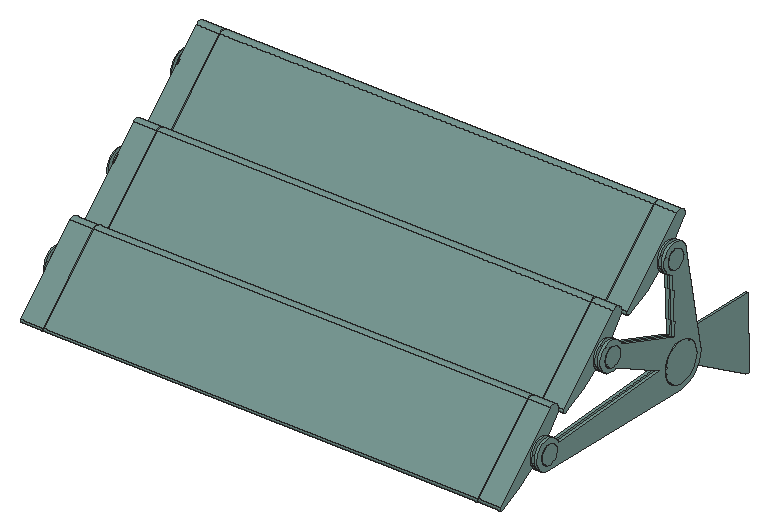
Revit family "kawneer - 1600 powershade - aluminum_16445", category Generic Models, Revit 2015
Parameters (values of type "96" Width (Max.)")
  URL = "http://www.kawneer.com/kawneer/north_america/en/product.asp?cat_id=1344&prod_id=1850"
  Type Comments = "Aluminum"
  Shade Finish = Kawneer - 1600 PowerShade
  Product data url = "https://bimobject.com/kawneerna/product/16445"
  Outside Shade Width = 8' - 0"
  Model = "1600 PowerShade® - Aluminum\r\n"
  Manufacturer = "Kawneer"
  Description = "Architects and building owners are increasingly recognizing the need for \"green\" building products that conserve energy and enhance building performance without compromising aesthetics. Kawneer has responded to this challenge by designing 1600 PowerShade®, a BIPV (Building Integrated Photovoltaic) sunshade that generates solar power while also providing optimal shade in a total system/single source solution.\r\n \r\nThe result is a classically designed sunshade that conserves energy and reduces building operating costs. Fully tested and factory fabricated, this preengineered sunshade blends photovoltaic technology — amorphous silicon panels — with sleek design, easy installation and simple maintenance.\r\n \r\nIn addition, PowerShade® is engineered to meet rigorous structural loads while minimizing material requirements.\r\n"
  Assembly Code = "B2020400"
Reference planes (in)
  plane 1 "Center (Front/Back)": y = 0
  plane 2: z = 0
  plane 3 "Center (Left/Right)": x = 20.48739
Forms (in)
  Extrusion 1, solid, material "Kawneer - 1600 PowerShade" <- "Shade Finish"
    sketch origin (20.23839, 0, 0) x (0, 1, 0) y (0, 0, -1)
      loop
        arc (-13.79301, 2.12544) -> (-21.10781, 2.12502) -> (-17.48547, -4.22989) r 4.23003
        line (-17.48547, -4.22989) -> (0, -4.22989) -> (0, 9.7917) -> (-0.49966, 9.78645) -> (-13.79301, 2.12544)
      loop
        circle (-17.45029, 0) r 3.73003
    from 0.251 to -0.249
  Extrusion 2, solid, material "Kawneer - 1600 PowerShade" <- "Shade Finish", not visible
    sketch origin (-0.0625, 0, 0) x (0, -1, 0) y (0, 0, -1)
      loop
        line (20, -3) -> (20, 3) -> (0.875, 3) -> (0.875, -3) -> (20, -3)
      loop
        circle (1.61885, 2) r 0.25
      loop
        circle (3.61885, 2) r 0.25
      loop
        circle (1.61885, -2) r 0.25
      loop
        circle (3.61885, -2) r 0.25
    from 0.3135 to 0.5635
  Extrusion 3, solid, material "Kawneer - 1600 PowerShade" <- "Shade Finish", not visible
    sketch origin (0, 0, 0) x (0, -1, 0) y (0, 0, -1)
      loop
        arc (0.24998, -2.843) -> (0.27722, -2.77724) -> (0.34298, -2.75) r 0.093
        line (0.34298, -2.75) -> (4.62, -2.75) -> (4.62, 2.75) -> (0.34298, 2.75)
        arc (0.34298, 2.75) -> (0.27722, 2.77724) -> (0.24998, 2.843) r 0.093
        line (0.24998, 2.843) -> (0.24998, -2.843)
      loop
        circle (1.61885, 2) r 0.25
      loop
        circle (3.61885, 2) r 0.25
      loop
        circle (1.61885, -2) r 0.25
      loop
        circle (3.61885, -2) r 0.25
    from -0.249 to 0.251
  Extrusion 4, solid, material "Kawneer - 1600 PowerShade" <- "Shade Finish", not visible
    sketch origin (0, 0, 0) x (0, -1, 0) y (0, 0, -1)
      loop
        line (0, -6.25) -> (0.15698, -6.25)
        arc (0.15698, -6.25) -> (0.22274, -6.22276) -> (0.24998, -6.157) r 0.093
        line (0.24998, -6.157) -> (0.24998, 6.157)
        arc (0.24998, 6.157) -> (0.22274, 6.22276) -> (0.15698, 6.25) r 0.093
        line (0.15698, 6.25) -> (0, 6.25) -> (0, -6.25)
    from -0.499 to 0.501
  Extrusion 5, solid, material "Kawneer - 1600 PowerShade" <- "Shade Finish"
    sketch origin (37.73739, 0, 0) x (0, -1, 0) y (0, 0, 1)
      loop
        circle (17.45029, 0) r 3.73003
    from 16.45076 to 18.67002
  Extrusion 6, solid, material "Kawneer - 1600 PowerShade" <- "Shade Finish"
    sketch origin (20.48739, 0, 0) x (0, 1, 0) y (0, 0, 1)
      loop
        circle (-49.7095, -2.13012) r 1.75795
      loop
        circle (-34.19481, 8.24737) r 1.75795
      loop
        circle (-18.68012, 18.62486) r 1.75795
    from -96.75 to 0.79924
  Extrusion 7, solid, material "Kawneer - 1600 PowerShade" <- "Shade Finish"
    sketch origin (37.73739, 0, 0) x (0, -1, 0) y (0, 0, 1)
      loop
        line (22.41224, 0.59894) -> (33.13158, 5.70698)
        arc (33.13158, 5.70698) -> (36.73786, 9.30422) -> (31.64423, 9.28593) r 2.75391
        line (31.64423, 9.28593) -> (18.65381, 4.87124) -> (19.23452, 15.985)
        arc (19.23452, 15.985) -> (20.41579, 20.6678) -> (15.83239, 19.14584) r 2.75391
        line (15.83239, 19.14584) -> (12.47366, 0.78656)
        arc (12.47366, 0.78656) -> (13.52965, -3.23013) -> (17.29138, -4.99034) r 4.89585
        line (17.29138, -4.99034) -> (49.71054, -4.97847)
        arc (49.71054, -4.97847) -> (51.98808, -0.67786) -> (47.15048, -1.20706) r 2.75391
        line (47.15048, -1.20706) -> (22.41224, 0.59894)
      loop
        circle (34.19481, 8.24737) r 1.75795
      loop
        circle (49.7095, -2.13012) r 1.75795
      loop
        circle (18.68012, 18.62486) r 1.75795
      loop
        circle (17.45029, 0) r 3.73003
    from 17.75 to 18.25
  Extrusion 8, solid, material "Kawneer - 1600 PowerShade" <- "Shade Finish"
    sketch origin (38.73739, 0, 0) x (0, -1, 0) y (0, 0, 1)
      loop
        line (22.41224, 0.59894) -> (33.13158, 5.70698)
        arc (33.13158, 5.70698) -> (36.73786, 9.30422) -> (31.64423, 9.28593) r 2.75391
        line (31.64423, 9.28593) -> (18.65381, 4.87124) -> (19.23452, 15.985)
        arc (19.23452, 15.985) -> (20.41579, 20.6678) -> (15.83239, 19.14584) r 2.75391
        line (15.83239, 19.14584) -> (12.47366, 0.78656)
        arc (12.47366, 0.78656) -> (13.52965, -3.23013) -> (17.29138, -4.99034) r 4.89585
        line (17.29138, -4.99034) -> (49.71054, -4.97847)
        arc (49.71054, -4.97847) -> (51.98808, -0.67786) -> (47.15048, -1.20706) r 2.75391
        line (47.15048, -1.20706) -> (22.41224, 0.59894)
      loop
        circle (34.19481, 8.24737) r 1.75795
      loop
        circle (49.7095, -2.13012) r 1.75795
      loop
        circle (18.68012, 18.62486) r 1.75795
      loop
        circle (17.45029, 0) r 3.73003
    from 17.75 to 18.25
  Extrusion 9, solid, material "Kawneer - 1600 PowerShade" <- "Shade Finish"
    sketch origin (-3.0449, 0, 0) x (0, 1, 0) y (0, 0, 1)
      loop
        arc (-59.39681, -7.79166) -> (-59.44221, -8.23074) -> (-59.02172, -8.36504) r 0.34999
        arc (-59.02172, -8.36504) -> (-54.74754, -6.24615) -> (-50.90493, -3.41905) r 27.44088
        arc (-50.90493, -3.41905) -> (-50.95255, -0.88707) -> (-48.42058, -0.93469) r 1.75795
        arc (-48.42058, -0.93469) -> (-46.89136, 0.96864) -> (-45.53738, 3.00037) r 27.44088
        arc (-45.53738, 3.00037) -> (-45.38844, 3.4247) -> (-45.42167, 3.87317) r 1.10053
        arc (-45.42167, 3.87317) -> (-46.20412, 4.63487) -> (-47.25762, 4.34753) r 1.10053
        line (-47.25762, 4.34753) -> (-59.39681, -7.79166)
      loop
        arc (-43.88211, 2.58583) -> (-43.92752, 2.14676) -> (-43.50703, 2.01246) r 0.34999
        arc (-43.50703, 2.01246) -> (-39.23285, 4.13134) -> (-35.39024, 6.95845) r 27.44088
        arc (-35.39024, 6.95845) -> (-35.43786, 9.49043) -> (-32.90588, 9.4428) r 1.75795
        arc (-32.90588, 9.4428) -> (-31.37667, 11.34614) -> (-30.02269, 13.37787) r 27.44088
        arc (-30.02269, 13.37787) -> (-29.87375, 13.80219) -> (-29.90698, 14.25066) r 1.10053
        arc (-29.90698, 14.25066) -> (-30.68943, 15.01237) -> (-31.74293, 14.72502) r 1.10053
        line (-31.74293, 14.72502) -> (-43.88211, 2.58583)
      loop
        arc (-28.36742, 12.96333) -> (-28.41283, 12.52425) -> (-27.99234, 12.38995) r 0.34999
        arc (-27.99234, 12.38995) -> (-23.71816, 14.50883) -> (-19.87555, 17.33594) r 27.44088
        arc (-19.87555, 17.33594) -> (-19.92317, 19.86792) -> (-17.39119, 19.82029) r 1.75795
        arc (-17.39119, 19.82029) -> (-15.86198, 21.72363) -> (-14.508, 23.75536) r 27.44088
        arc (-14.508, 23.75536) -> (-14.35906, 24.17968) -> (-14.39229, 24.62815) r 1.10053
        arc (-14.39229, 24.62815) -> (-15.17474, 25.38986) -> (-16.22824, 25.10251) r 1.10053
        line (-16.22824, 25.10251) -> (-28.36742, 12.96333)
    from 18.03229 to 22.53229
  Extrusion 10, solid, not visible
    sketch origin (0, 0, 0) x (0, 1, 0) y (0, 0, 1)
      loop
        arc (-59.39681, -7.79166) -> (-59.44221, -8.23074) -> (-59.02172, -8.36504) r 0.34999
        arc (-59.02172, -8.36504) -> (-54.74754, -6.24615) -> (-50.90493, -3.41905) r 27.44088
        arc (-50.90493, -3.41905) -> (-50.95255, -0.88707) -> (-48.42058, -0.93469) r 1.75795
        arc (-48.42058, -0.93469) -> (-46.89136, 0.96864) -> (-45.53738, 3.00037) r 27.44088
        arc (-45.53738, 3.00037) -> (-45.38844, 3.4247) -> (-45.42167, 3.87317) r 1.10053
        arc (-45.42167, 3.87317) -> (-46.20412, 4.63487) -> (-47.25762, 4.34753) r 1.10053
        line (-47.25762, 4.34753) -> (-59.39681, -7.79166)
      loop
        arc (-43.88211, 2.58583) -> (-43.92752, 2.14676) -> (-43.50703, 2.01246) r 0.34999
        arc (-43.50703, 2.01246) -> (-39.23285, 4.13134) -> (-35.39024, 6.95845) r 27.44088
        arc (-35.39024, 6.95845) -> (-35.43786, 9.49043) -> (-32.90588, 9.4428) r 1.75795
        arc (-32.90588, 9.4428) -> (-31.37667, 11.34614) -> (-30.02269, 13.37787) r 27.44088
        arc (-30.02269, 13.37787) -> (-29.87375, 13.80219) -> (-29.90698, 14.25066) r 1.10053
        arc (-29.90698, 14.25066) -> (-30.68943, 15.01237) -> (-31.74293, 14.72502) r 1.10053
        line (-31.74293, 14.72502) -> (-43.88211, 2.58583)
      loop
        arc (-28.36742, 12.96333) -> (-28.41283, 12.52425) -> (-27.99234, 12.38995) r 0.34999
        arc (-27.99234, 12.38995) -> (-23.71816, 14.50883) -> (-19.87555, 17.33594) r 27.44088
        arc (-19.87555, 17.33594) -> (-19.92317, 19.86792) -> (-17.39119, 19.82029) r 1.75795
        arc (-17.39119, 19.82029) -> (-15.86198, 21.72363) -> (-14.508, 23.75536) r 27.44088
        arc (-14.508, 23.75536) -> (-14.35906, 24.17968) -> (-14.39229, 24.62815) r 1.10053
        arc (-14.39229, 24.62815) -> (-15.17474, 25.38986) -> (-16.22824, 25.10251) r 1.10053
        line (-16.22824, 25.10251) -> (-28.36742, 12.96333)
    from -43.9551 to 50.5449
  Extrusion 11, solid, material "Kawneer - 1600 PowerShade" <- "Shade Finish"
    sketch origin (-75.26161, 0, 0) x (0, 1, 0) y (0, 0, -1)
      loop
        arc (-13.79301, 2.12544) -> (-21.10781, 2.12502) -> (-17.48547, -4.22989) r 4.23003
        line (-17.48547, -4.22989) -> (0, -4.22989) -> (0, 9.7917) -> (-0.49966, 9.78645) -> (-13.79301, 2.12544)
      loop
        circle (-17.45029, 0) r 3.73003
    from -0.249 to 0.251
  Extrusion 12, solid, material "Kawneer - 1600 PowerShade" <- "Shade Finish"
    sketch origin (-57.76261, 0, 0) x (0, -1, 0) y (0, 0, 1)
      loop
        circle (17.45029, 0) r 3.73003
    from 16.45076 to 18.5
  Extrusion 13, solid, material "Kawneer - 1600 PowerShade" <- "Shade Finish"
    sketch origin (109.73739, 0, 0) x (0, -1, 0) y (0, 0, 1)
      loop
        line (22.41224, 0.59894) -> (33.13158, 5.70698)
        arc (33.13158, 5.70698) -> (36.73786, 9.30422) -> (31.64423, 9.28593) r 2.75391
        line (31.64423, 9.28593) -> (18.65381, 4.87124) -> (19.23452, 15.985)
        arc (19.23452, 15.985) -> (20.41579, 20.6678) -> (15.83239, 19.14584) r 2.75391
        line (15.83239, 19.14584) -> (12.47366, 0.78656)
        arc (12.47366, 0.78656) -> (13.52965, -3.23013) -> (17.29138, -4.99034) r 4.89585
        line (17.29138, -4.99034) -> (49.71054, -4.97847)
        arc (49.71054, -4.97847) -> (51.98808, -0.67786) -> (47.15048, -1.20706) r 2.75391
        line (47.15048, -1.20706) -> (22.41224, 0.59894)
      loop
        circle (34.19481, 8.24737) r 1.75795
      loop
        circle (49.7095, -2.13012) r 1.75795
      loop
        circle (18.68012, 18.62486) r 1.75795
      loop
        circle (17.45029, 0) r 3.73003
    from 185.25 to 185.5
  Extrusion 14, solid, material "Kawneer - 1600 PowerShade" <- "Shade Finish"
    sketch origin (-41.26261, 0, 0) x (0, -1, 0) y (0, 0, 1)
      loop
        line (22.41224, 0.59894) -> (33.13158, 5.70698)
        arc (33.13158, 5.70698) -> (36.73786, 9.30422) -> (31.64423, 9.28593) r 2.75391
        line (31.64423, 9.28593) -> (18.65381, 4.87124) -> (19.23452, 15.985)
        arc (19.23452, 15.985) -> (20.41579, 20.6678) -> (15.83239, 19.14584) r 2.75391
        line (15.83239, 19.14584) -> (12.47366, 0.78656)
        arc (12.47366, 0.78656) -> (13.52965, -3.23013) -> (17.29138, -4.99034) r 4.89585
        line (17.29138, -4.99034) -> (49.71054, -4.97847)
        arc (49.71054, -4.97847) -> (51.98808, -0.67786) -> (47.15048, -1.20706) r 2.75391
        line (47.15048, -1.20706) -> (22.41224, 0.59894)
      loop
        circle (34.19481, 8.24737) r 1.75795
      loop
        circle (49.7095, -2.13012) r 1.75795
      loop
        circle (18.68012, 18.62486) r 1.75795
      loop
        circle (17.45029, 0) r 3.73003
    from 33.49225 to 33.74225
  Extrusion 15, solid, material "Kawneer - 1600 PowerShade" <- "Shade Finish", not visible
    sketch origin (-0.249, 0, 0) x (0, 1, 0) y (0, 0, -1)
      loop
        arc (-13.79301, 2.12544) -> (-21.10781, 2.12502) -> (-17.48547, -4.22989) r 4.23003
        line (-17.48547, -4.22989) -> (0, -4.22989) -> (0, 9.7917) -> (-0.49966, 9.78645) -> (-13.79301, 2.12544)
      loop
        circle (-17.45029, 0) r 3.73003
    from -0.249 to 0.251
  Extrusion 16, solid, material "Kawneer - 1600 PowerShade" <- "Shade Finish", not visible
    sketch origin (17.25, 0, 0) x (0, -1, 0) y (0, 0, 1)
      loop
        circle (17.45029, 0) r 3.73003
    from 16.45076 to 18.67002
  Extrusion 17, solid, material "Kawneer - 1600 PowerShade" <- "Shade Finish", not visible
    sketch origin (17.25, 0, 0) x (0, -1, 0) y (0, 0, 1)
      loop
        line (22.41224, 0.59894) -> (33.13158, 5.70698)
        arc (33.13158, 5.70698) -> (36.73786, 9.30422) -> (31.64423, 9.28593) r 2.75391
        line (31.64423, 9.28593) -> (18.65381, 4.87124) -> (19.23452, 15.985)
        arc (19.23452, 15.985) -> (20.41579, 20.6678) -> (15.83239, 19.14584) r 2.75391
        line (15.83239, 19.14584) -> (12.47366, 0.78656)
        arc (12.47366, 0.78656) -> (13.52965, -3.23013) -> (17.29138, -4.99034) r 4.89585
        line (17.29138, -4.99034) -> (49.71054, -4.97847)
        arc (49.71054, -4.97847) -> (51.98808, -0.67786) -> (47.15048, -1.20706) r 2.75391
        line (47.15048, -1.20706) -> (22.41224, 0.59894)
      loop
        circle (34.19481, 8.24737) r 1.75795
      loop
        circle (49.7095, -2.13012) r 1.75795
      loop
        circle (18.68012, 18.62486) r 1.75795
      loop
        circle (17.45029, 0) r 3.73003
    from 17.75 to 18.25
  Extrusion 18, solid, material "Kawneer - 1600 PowerShade" <- "Shade Finish", not visible
    sketch origin (18.25, 0, 0) x (0, -1, 0) y (0, 0, 1)
      loop
        line (22.41224, 0.59894) -> (33.13158, 5.70698)
        arc (33.13158, 5.70698) -> (36.73786, 9.30422) -> (31.64423, 9.28593) r 2.75391
        line (31.64423, 9.28593) -> (18.65381, 4.87124) -> (19.23452, 15.985)
        arc (19.23452, 15.985) -> (20.41579, 20.6678) -> (15.83239, 19.14584) r 2.75391
        line (15.83239, 19.14584) -> (12.47366, 0.78656)
        arc (12.47366, 0.78656) -> (13.52965, -3.23013) -> (17.29138, -4.99034) r 4.89585
        line (17.29138, -4.99034) -> (49.71054, -4.97847)
        arc (49.71054, -4.97847) -> (51.98808, -0.67786) -> (47.15048, -1.20706) r 2.75391
        line (47.15048, -1.20706) -> (22.41224, 0.59894)
      loop
        circle (34.19481, 8.24737) r 1.75795
      loop
        circle (49.7095, -2.13012) r 1.75795
      loop
        circle (18.68012, 18.62486) r 1.75795
      loop
        circle (17.45029, 0) r 3.73003
    from 17.75 to 18.25
  Extrusion 19, solid, material "Kawneer - 1600 PowerShade" <- "Shade Finish", not visible
    sketch origin (-71.749, 0, 0) x (0, 1, 0) y (0, 0, -1)
      loop
        arc (-13.79301, 2.12544) -> (-21.10781, 2.12502) -> (-17.48547, -4.22989) r 4.23003
        line (-17.48547, -4.22989) -> (0, -4.22989) -> (0, 9.7917) -> (-0.49966, 9.78645) -> (-13.79301, 2.12544)
      loop
        circle (-17.45029, 0) r 3.73003
    from -0.249 to 0.251
  Extrusion 20, solid, material "Kawneer - 1600 PowerShade" <- "Shade Finish", not visible
    sketch origin (-54.25, 0, 0) x (0, -1, 0) y (0, 0, 1)
      loop
        circle (17.45029, 0) r 3.73003
    from 16.45076 to 18
  Extrusion 21, solid, material "Kawneer - 1600 PowerShade" <- "Shade Finish", not visible
    sketch origin (113.25, 0, 0) x (0, -1, 0) y (0, 0, 1)
      loop
        line (22.41224, 0.59894) -> (33.13158, 5.70698)
        arc (33.13158, 5.70698) -> (36.73786, 9.30422) -> (31.64423, 9.28593) r 2.75391
        line (31.64423, 9.28593) -> (18.65381, 4.87124) -> (19.23452, 15.985)
        arc (19.23452, 15.985) -> (20.41579, 20.6678) -> (15.83239, 19.14584) r 2.75391
        line (15.83239, 19.14584) -> (12.47366, 0.78656)
        arc (12.47366, 0.78656) -> (13.52965, -3.23013) -> (17.29138, -4.99034) r 4.89585
        line (17.29138, -4.99034) -> (49.71054, -4.97847)
        arc (49.71054, -4.97847) -> (51.98808, -0.67786) -> (47.15048, -1.20706) r 2.75391
        line (47.15048, -1.20706) -> (22.41224, 0.59894)
      loop
        circle (34.19481, 8.24737) r 1.75795
      loop
        circle (49.7095, -2.13012) r 1.75795
      loop
        circle (18.68012, 18.62486) r 1.75795
      loop
        circle (17.45029, 0) r 3.73003
    from 185.25 to 185.5
  Extrusion 22, solid, material "Kawneer - 1600 PowerShade" <- "Shade Finish", not visible
    sketch origin (-37.75, 0, 0) x (0, -1, 0) y (0, 0, 1)
      loop
        line (22.41224, 0.59894) -> (33.13158, 5.70698)
        arc (33.13158, 5.70698) -> (36.73786, 9.30422) -> (31.64423, 9.28593) r 2.75391
        line (31.64423, 9.28593) -> (18.65381, 4.87124) -> (19.23452, 15.985)
        arc (19.23452, 15.985) -> (20.41579, 20.6678) -> (15.83239, 19.14584) r 2.75391
        line (15.83239, 19.14584) -> (12.47366, 0.78656)
        arc (12.47366, 0.78656) -> (13.52965, -3.23013) -> (17.29138, -4.99034) r 4.89585
        line (17.29138, -4.99034) -> (49.71054, -4.97847)
        arc (49.71054, -4.97847) -> (51.98808, -0.67786) -> (47.15048, -1.20706) r 2.75391
        line (47.15048, -1.20706) -> (22.41224, 0.59894)
      loop
        circle (34.19481, 8.63868) r 1.75795
      loop
        circle (49.7095, -2.13012) r 1.75795
      loop
        circle (18.68012, 18.62486) r 1.75795
      loop
        circle (17.45029, 0) r 3.73003
    from 33.49225 to 33.74225
  Extrusion 23, solid, material "Kawneer - 1600 PowerShade" <- "Shade Finish", not visible
    sketch origin (-95.749, 0, 0) x (0, 1, 0) y (0, 0, -1)
      loop
        arc (-13.79301, 2.12544) -> (-21.10781, 2.12502) -> (-17.48547, -4.22989) r 4.23003
        line (-17.48547, -4.22989) -> (0, -4.22989) -> (0, 9.7917) -> (-0.49966, 9.78645) -> (-13.79301, 2.12544)
      loop
        circle (-17.45029, 0) r 3.73003
    from -0.249 to 0.251
  Extrusion 24, solid, material "Kawneer - 1600 PowerShade" <- "Shade Finish", not visible
    sketch origin (-78.25, 0, 0) x (0, -1, 0) y (0, 0, 1)
      loop
        circle (17.45029, 0) r 3.73003
    from 16.45076 to 18.5
  Extrusion 25, solid, material "Kawneer - 1600 PowerShade" <- "Shade Finish", not visible
    sketch origin (89.25, 0, 0) x (0, -1, 0) y (0, 0, 1)
      loop
        line (22.41224, 0.59894) -> (33.13158, 5.70698)
        arc (33.13158, 5.70698) -> (36.73786, 9.30422) -> (31.64423, 9.28593) r 2.75391
        line (31.64423, 9.28593) -> (18.65381, 4.87124) -> (19.23452, 15.985)
        arc (19.23452, 15.985) -> (20.41579, 20.6678) -> (15.83239, 19.14584) r 2.75391
        line (15.83239, 19.14584) -> (12.47366, 0.78656)
        arc (12.47366, 0.78656) -> (13.52965, -3.23013) -> (17.29138, -4.99034) r 4.89585
        line (17.29138, -4.99034) -> (49.71054, -4.97847)
        arc (49.71054, -4.97847) -> (51.98808, -0.67786) -> (47.15048, -1.20706) r 2.75391
        line (47.15048, -1.20706) -> (22.41224, 0.59894)
      loop
        circle (34.19481, 8.24737) r 1.75795
      loop
        circle (49.7095, -2.13012) r 1.75795
      loop
        circle (18.68012, 18.62486) r 1.75795
      loop
        circle (17.45029, 0) r 3.73003
    from 185.25 to 185.5
  Extrusion 26, solid, material "Kawneer - 1600 PowerShade" <- "Shade Finish", not visible
    sketch origin (-61.75, 0, 0) x (0, -1, 0) y (0, 0, 1)
      loop
        line (22.41224, 0.59894) -> (33.13158, 5.70698)
        arc (33.13158, 5.70698) -> (36.73786, 9.30422) -> (31.64423, 9.28593) r 2.75391
        line (31.64423, 9.28593) -> (18.65381, 4.87124) -> (19.23452, 15.985)
        arc (19.23452, 15.985) -> (20.41579, 20.6678) -> (15.83239, 19.14584) r 2.75391
        line (15.83239, 19.14584) -> (12.47366, 0.78656)
        arc (12.47366, 0.78656) -> (13.52965, -3.23013) -> (17.29138, -4.99034) r 4.89585
        line (17.29138, -4.99034) -> (49.71054, -4.97847)
        arc (49.71054, -4.97847) -> (51.98808, -0.67786) -> (47.15048, -1.20706) r 2.75391
        line (47.15048, -1.20706) -> (22.41224, 0.59894)
      loop
        circle (34.19481, 8.63868) r 1.75795
      loop
        circle (49.7095, -2.13012) r 1.75795
      loop
        circle (18.68012, 18.62486) r 1.75795
      loop
        circle (17.45029, 0) r 3.73003
    from 33.49225 to 33.74225
  Extrusion 27, solid, material "Kawneer - 1600 PowerShade" <- "Shade Finish", not visible
    sketch origin (-191.749, 0, 0) x (0, 1, 0) y (0, 0, -1)
      loop
        arc (-13.79301, 2.12544) -> (-21.10781, 2.12502) -> (-17.48547, -4.22989) r 4.23003
        line (-17.48547, -4.22989) -> (0, -4.22989) -> (0, 9.7917) -> (-0.49966, 9.78645) -> (-13.79301, 2.12544)
      loop
        circle (-17.45029, 0) r 3.73003
    from -0.249 to 0.251
  Extrusion 28, solid, material "Kawneer - 1600 PowerShade" <- "Shade Finish", not visible
    sketch origin (-174.25, 0, 0) x (0, -1, 0) y (0, 0, 1)
      loop
        circle (17.45029, 0) r 3.73003
    from 16.45076 to 18.5
  Extrusion 29, solid, material "Kawneer - 1600 PowerShade" <- "Shade Finish", not visible
    sketch origin (-6.75, 0, 0) x (0, -1, 0) y (0, 0, 1)
      loop
        line (22.41224, 0.59894) -> (33.13158, 5.70698)
        arc (33.13158, 5.70698) -> (36.73786, 9.30422) -> (31.64423, 9.28593) r 2.75391
        line (31.64423, 9.28593) -> (18.65381, 4.87124) -> (19.23452, 15.985)
        arc (19.23452, 15.985) -> (20.41579, 20.6678) -> (15.83239, 19.14584) r 2.75391
        line (15.83239, 19.14584) -> (12.47366, 0.78656)
        arc (12.47366, 0.78656) -> (13.52965, -3.23013) -> (17.29138, -4.99034) r 4.89585
        line (17.29138, -4.99034) -> (49.71054, -4.97847)
        arc (49.71054, -4.97847) -> (51.98808, -0.67786) -> (47.15048, -1.20706) r 2.75391
        line (47.15048, -1.20706) -> (22.41224, 0.59894)
      loop
        circle (34.19481, 8.24737) r 1.75795
      loop
        circle (49.7095, -2.13012) r 1.75795
      loop
        circle (18.68012, 18.62486) r 1.75795
      loop
        circle (17.45029, 0) r 3.73003
    from 185.25 to 185.5
  Extrusion 30, solid, material "Kawneer - 1600 PowerShade" <- "Shade Finish"
    sketch origin (-106.76602, 0, 0) x (0, 1, 0) y (0, 0, 1)
      loop
        arc (-59.39681, -7.79166) -> (-59.44221, -8.23074) -> (-59.02172, -8.36504) r 0.34999
        arc (-59.02172, -8.36504) -> (-54.74754, -6.24615) -> (-50.90493, -3.41905) r 27.44088
        arc (-50.90493, -3.41905) -> (-50.95255, -0.88707) -> (-48.42058, -0.93469) r 1.75795
        arc (-48.42058, -0.93469) -> (-46.89136, 0.96864) -> (-45.53738, 3.00037) r 27.44088
        arc (-45.53738, 3.00037) -> (-45.38844, 3.4247) -> (-45.42167, 3.87317) r 1.10053
        arc (-45.42167, 3.87317) -> (-46.20412, 4.63487) -> (-47.25762, 4.34753) r 1.10053
        line (-47.25762, 4.34753) -> (-59.39681, -7.79166)
      loop
        arc (-43.88211, 2.58583) -> (-43.92752, 2.14676) -> (-43.50703, 2.01246) r 0.34999
        arc (-43.50703, 2.01246) -> (-39.23285, 4.13134) -> (-35.39024, 6.95845) r 27.44088
        arc (-35.39024, 6.95845) -> (-35.43786, 9.49043) -> (-32.90588, 9.4428) r 1.75795
        arc (-32.90588, 9.4428) -> (-31.37667, 11.34614) -> (-30.02269, 13.37787) r 27.44088
        arc (-30.02269, 13.37787) -> (-29.87375, 13.80219) -> (-29.90698, 14.25066) r 1.10053
        arc (-29.90698, 14.25066) -> (-30.68943, 15.01237) -> (-31.74293, 14.72502) r 1.10053
        line (-31.74293, 14.72502) -> (-43.88211, 2.58583)
      loop
        arc (-28.36742, 12.96333) -> (-28.41283, 12.52425) -> (-27.99234, 12.38995) r 0.34999
        arc (-27.99234, 12.38995) -> (-23.71816, 14.50883) -> (-19.87555, 17.33594) r 27.44088
        arc (-19.87555, 17.33594) -> (-19.92317, 19.86792) -> (-17.39119, 19.82029) r 1.75795
        arc (-17.39119, 19.82029) -> (-15.86198, 21.72363) -> (-14.508, 23.75536) r 27.44088
        arc (-14.508, 23.75536) -> (-14.35906, 24.17968) -> (-14.39229, 24.62815) r 1.10053
        arc (-14.39229, 24.62815) -> (-15.17474, 25.38986) -> (-16.22824, 25.10251) r 1.10053
        line (-16.22824, 25.10251) -> (-28.36742, 12.96333)
    from 32.01116 to 36.51116
  Extrusion 31, solid, material "Kawneer - 1600 PowerShade" <- "Shade Finish"
    sketch origin (-58.0449, 0, 0) x (0, 1, 0) y (0, 0, 1)
      loop
        arc (-59.39681, -7.79166) -> (-59.44221, -8.23074) -> (-59.02172, -8.36504) r 0.34999
        arc (-59.02172, -8.36504) -> (-54.74754, -6.24615) -> (-50.90493, -3.41905) r 27.44088
        arc (-50.90493, -3.41905) -> (-50.95255, -0.88707) -> (-48.42058, -0.93469) r 1.75795
        arc (-48.42058, -0.93469) -> (-46.89136, 0.96864) -> (-45.53738, 3.00037) r 27.44088
        arc (-45.53738, 3.00037) -> (-45.38844, 3.4247) -> (-45.42167, 3.87317) r 1.10053
        arc (-45.42167, 3.87317) -> (-46.20412, 4.63487) -> (-47.25762, 4.34753) r 1.10053
        line (-47.25762, 4.34753) -> (-59.39681, -7.79166)
      loop
        arc (-43.88211, 2.58583) -> (-43.92752, 2.14676) -> (-43.50703, 2.01246) r 0.34999
        arc (-43.50703, 2.01246) -> (-39.23285, 4.13134) -> (-35.39024, 6.95845) r 27.44088
        arc (-35.39024, 6.95845) -> (-35.43786, 9.49043) -> (-32.90588, 9.4428) r 1.75795
        arc (-32.90588, 9.4428) -> (-31.37667, 11.34614) -> (-30.02269, 13.37787) r 27.44088
        arc (-30.02269, 13.37787) -> (-29.87375, 13.80219) -> (-29.90698, 14.25066) r 1.10053
        arc (-29.90698, 14.25066) -> (-30.68943, 15.01237) -> (-31.74293, 14.72502) r 1.10053
        line (-31.74293, 14.72502) -> (-43.88211, 2.58583)
      loop
        arc (-28.36742, 12.96333) -> (-28.41283, 12.52425) -> (-27.99234, 12.38995) r 0.34999
        arc (-27.99234, 12.38995) -> (-23.71816, 14.50883) -> (-19.87555, 17.33594) r 27.44088
        arc (-19.87555, 17.33594) -> (-19.92317, 19.86792) -> (-17.39119, 19.82029) r 1.75795
        arc (-17.39119, 19.82029) -> (-15.86198, 21.72363) -> (-14.508, 23.75536) r 27.44088
        arc (-14.508, 23.75536) -> (-14.35906, 24.17968) -> (-14.39229, 24.62815) r 1.10053
        arc (-14.39229, 24.62815) -> (-15.17474, 25.38986) -> (-16.22824, 25.10251) r 1.10053
        line (-16.22824, 25.10251) -> (-28.36742, 12.96333)
    from -12.20996 to 73.03229
  Extrusion 32, solid, material "Kawneer - 1600 PowerShade" <- "Shade Finish", not visible
    sketch origin (20.23839, 0, 0) x (0, 1, 0) y (0, 0, -1)
      loop
        arc (-13.79301, 2.12544) -> (-21.10781, 2.12502) -> (-17.48547, -4.22989) r 4.23003
        line (-17.48547, -4.22989) -> (0, -4.22989) -> (0, 9.7917) -> (-0.49966, 9.78645) -> (-13.79301, 2.12544)
      loop
        circle (-17.45029, 0) r 3.73003
    from 0.251 to -0.249
  Extrusion 33, solid, material "Kawneer - 1600 PowerShade" <- "Shade Finish", not visible
    sketch origin (37.73739, 0, 0) x (0, -1, 0) y (0, 0, 1)
      loop
        circle (17.45029, 0) r 3.73003
    from 16.45076 to 18.67002
  Extrusion 34, solid, material "Kawneer - 1600 PowerShade" <- "Shade Finish", not visible
    sketch origin (37.73739, 0, 0) x (0, -1, 0) y (0, 0, 1)
      loop
        line (22.41224, 0.59894) -> (33.13158, 5.70698)
        arc (33.13158, 5.70698) -> (36.73786, 9.30422) -> (31.64423, 9.28593) r 2.75391
        line (31.64423, 9.28593) -> (18.65381, 4.87124) -> (19.23452, 15.985)
        arc (19.23452, 15.985) -> (20.41579, 20.6678) -> (15.83239, 19.14584) r 2.75391
        line (15.83239, 19.14584) -> (12.47366, 0.78656)
        arc (12.47366, 0.78656) -> (13.52965, -3.23013) -> (17.29138, -4.99034) r 4.89585
        line (17.29138, -4.99034) -> (49.71054, -4.97847)
        arc (49.71054, -4.97847) -> (51.98808, -0.67786) -> (47.15048, -1.20706) r 2.75391
        line (47.15048, -1.20706) -> (22.41224, 0.59894)
      loop
        circle (34.19481, 8.24737) r 1.75795
      loop
        circle (49.7095, -2.13012) r 1.75795
      loop
        circle (18.68012, 18.62486) r 1.75795
      loop
        circle (17.45029, 0) r 3.73003
    from 17.75 to 18.25
  Extrusion 35, solid, material "Kawneer - 1600 PowerShade" <- "Shade Finish", not visible
    sketch origin (38.73739, 0, 0) x (0, -1, 0) y (0, 0, 1)
      loop
        line (22.41224, 0.59894) -> (33.13158, 5.70698)
        arc (33.13158, 5.70698) -> (36.73786, 9.30422) -> (31.64423, 9.28593) r 2.75391
        line (31.64423, 9.28593) -> (18.65381, 4.87124) -> (19.23452, 15.985)
        arc (19.23452, 15.985) -> (20.41579, 20.6678) -> (15.83239, 19.14584) r 2.75391
        line (15.83239, 19.14584) -> (12.47366, 0.78656)
        arc (12.47366, 0.78656) -> (13.52965, -3.23013) -> (17.29138, -4.99034) r 4.89585
        line (17.29138, -4.99034) -> (49.71054, -4.97847)
        arc (49.71054, -4.97847) -> (51.98808, -0.67786) -> (47.15048, -1.20706) r 2.75391
        line (47.15048, -1.20706) -> (22.41224, 0.59894)
      loop
        circle (34.19481, 8.24737) r 1.75795
      loop
        circle (49.7095, -2.13012) r 1.75795
      loop
        circle (18.68012, 18.62486) r 1.75795
      loop
        circle (17.45029, 0) r 3.73003
    from 17.75 to 18.25
Lines and regions (in)
  reference lines
    curve 1: line (20.48739, -49.7095, 4.37782) -> (20.48739, -49.7095, -7.37218)
  reference lines, not visible
    curve 2: line (0, -57.69724, -10.11787) -> (0, -43.20155, 4.37782)
    curve 3: line (20.48739, -49.7095, 4.37782) -> (20.48739, -49.7095, -7.37218)
Dimensions and locks (in)
  locked: Extrusion 14 to Extrusion 30 at 4.5
  locked: Extrusion 9 to Extrusion 9 at 4.5
  "Outside Shade Width": Extrusion 11 to plane 3 "Center (Left/Right)"
  aligned and locked: Extrusion 13 to Extrusion 11
  aligned and locked: Extrusion 14 sketch curve to Extrusion 6
  aligned and locked: Extrusion 30 to Extrusion 14
  aligned and locked: Extrusion 12 to Extrusion 6
  aligned and locked: Extrusion 31 to Extrusion 30
  aligned and locked: Extrusion 9 to Extrusion 7
  aligned and locked: Extrusion 31 to Extrusion 9
Automatic sketch dimensions
  Extrusion 1 sketch curve to Extrusion 1 sketch curve = 0' - 0"  (x2)
  Extrusion 1 sketch curve to Extrusion 1 sketch curve = 0' - 0.03518"
  Extrusion 1 sketch curve to Extrusion 1 sketch curve = 0' - 3.65728"
  Extrusion 1 sketch curve to Extrusion 1 sketch curve = 1' - 1.29335"
  Extrusion 1 sketch curve to Extrusion 1 sketch curve = 0' - 0.49966"
  Extrusion 1 sketch curve to Extrusion 1 sketch curve = 0' - 4.22989"
  Extrusion 1 sketch curve to Extrusion 1 sketch curve = 1' - 2.01634"
  Extrusion 1 sketch curve to Extrusion 1 sketch curve = 0' - 0.00525"
  Extrusion 5 sketch curve to Extrusion 5 sketch curve = 0' - 0"  (x2)
  Extrusion 5 sketch curve to Extrusion 5 sketch curve = 0' - 3.73003"
  Extrusion 6 sketch curve to level = 0' - 2.13012"
  plane 1 "Center (Front/Back)" to Extrusion 6 sketch curve = 4' - 1.7095"
  level to Extrusion 6 sketch curve = 0' - 8.24737"
  Extrusion 6 sketch curve to Extrusion 6 sketch curve = 1' - 3.51469"  (x2)
  level to Extrusion 6 sketch curve = 1' - 6.62486"
  Extrusion 7 sketch curve to Extrusion 7 sketch curve = 0' - 0"  (x12)
  Extrusion 7 sketch curve to Extrusion 7 sketch curve = 0' - 1.24659"
  Extrusion 7 sketch curve to Extrusion 7 sketch curve = 0' - 3.35872"
  Extrusion 7 sketch curve to Extrusion 7 sketch curve = 0' - 1.08978"
  Extrusion 7 sketch curve to Extrusion 7 sketch curve = 0' - 3.56933"
  Extrusion 7 sketch curve to Extrusion 7 sketch curve = 0' - 0.00179"
  Extrusion 7 sketch curve to Extrusion 7 sketch curve = 0' - 0.1607"
  Extrusion 7 sketch curve to Extrusion 7 sketch curve = 0' - 1.61917"
  Extrusion 7 sketch curve to Extrusion 7 sketch curve = 0' - 1.20352"
  Extrusion 7 sketch curve to Extrusion 7 sketch curve = 0' - 0.13877"
  Extrusion 7 sketch curve to Extrusion 7 sketch curve = 0' - 0.55441"
  Extrusion 7 sketch curve to Extrusion 7 sketch curve = 0' - 1.23192"
  Extrusion 7 sketch curve to Extrusion 7 sketch curve = 0' - 9.23199"
  Extrusion 7 sketch curve to Extrusion 7 sketch curve = 0' - 0.79263"
  Extrusion 7 sketch curve to Extrusion 7 sketch curve = 0' - 0.69472"
  Extrusion 7 sketch curve to Extrusion 7 sketch curve = 0' - 1.75795"  (x2)
  Extrusion 7 sketch curve to Extrusion 7 sketch curve = 0' - 11.19773"
  Extrusion 7 sketch curve to Extrusion 7 sketch curve = 0' - 0.80107"
  Extrusion 7 sketch curve to Extrusion 7 sketch curve = 0' - 0.00003"
  Extrusion 7 sketch curve to Extrusion 7 sketch curve = 0' - 0.00101"
  Extrusion 7 sketch curve to Extrusion 7 sketch curve = 0' - 0.01187"
  Extrusion 7 sketch curve to Extrusion 7 sketch curve = 0' - 2 193/256"
  Extrusion 7 sketch curve to Extrusion 7 sketch curve = 0' - 0.09443"
  Extrusion 7 sketch curve to Extrusion 7 sketch curve = 0' - 4.89585"
  Extrusion 7 sketch curve to Extrusion 7 sketch curve = 0' - 0.09449"
  Extrusion 7 sketch curve to Extrusion 7 sketch curve = 0' - 0.59894"
  Extrusion 7 sketch curve to Extrusion 7 sketch curve = 0' - 4.87124"
  Extrusion 7 sketch curve to Extrusion 7 sketch curve = 0' - 5.10804"
  Extrusion 7 sketch curve to Extrusion 7 sketch curve = 0' - 2.54039"
  Extrusion 7 sketch curve to Extrusion 7 sketch curve = 0' - 11.11376"
  Extrusion 7 sketch curve to Extrusion 7 sketch curve = 0' - 2.63986"
  Extrusion 7 sketch curve to Extrusion 7 sketch curve = 0' - 0.02539"
  Extrusion 8 sketch curve to Extrusion 8 sketch curve = 0' - 0"  (x12)
  Extrusion 8 sketch curve to Extrusion 8 sketch curve = 0' - 1.24659"
  Extrusion 8 sketch curve to Extrusion 8 sketch curve = 0' - 3.35872"
  Extrusion 8 sketch curve to Extrusion 8 sketch curve = 0' - 1.08978"
  Extrusion 8 sketch curve to Extrusion 8 sketch curve = 0' - 3.56933"
  Extrusion 8 sketch curve to Extrusion 8 sketch curve = 0' - 0.00179"
  Extrusion 8 sketch curve to Extrusion 8 sketch curve = 0' - 0.1607"
  Extrusion 8 sketch curve to Extrusion 8 sketch curve = 0' - 1.61917"
  Extrusion 8 sketch curve to Extrusion 8 sketch curve = 0' - 1.20352"
  Extrusion 8 sketch curve to Extrusion 8 sketch curve = 0' - 0.13877"
  Extrusion 8 sketch curve to Extrusion 8 sketch curve = 0' - 0.55441"
  Extrusion 8 sketch curve to Extrusion 8 sketch curve = 0' - 1.23192"
  Extrusion 8 sketch curve to Extrusion 8 sketch curve = 0' - 9.23199"
  Extrusion 8 sketch curve to Extrusion 8 sketch curve = 0' - 0.79263"
  Extrusion 8 sketch curve to Extrusion 8 sketch curve = 0' - 0.69472"
  Extrusion 8 sketch curve to Extrusion 8 sketch curve = 0' - 1.75795"  (x2)
  Extrusion 8 sketch curve to Extrusion 8 sketch curve = 0' - 11.19773"
  Extrusion 8 sketch curve to Extrusion 8 sketch curve = 0' - 0.80107"
  Extrusion 8 sketch curve to Extrusion 8 sketch curve = 0' - 0.00003"
  Extrusion 8 sketch curve to Extrusion 8 sketch curve = 0' - 0.00101"
  Extrusion 8 sketch curve to Extrusion 8 sketch curve = 0' - 0.01187"
  Extrusion 8 sketch curve to Extrusion 8 sketch curve = 0' - 2 193/256"
  Extrusion 8 sketch curve to Extrusion 8 sketch curve = 0' - 0.09443"
  Extrusion 8 sketch curve to Extrusion 8 sketch curve = 0' - 4.89585"
  Extrusion 8 sketch curve to Extrusion 8 sketch curve = 0' - 0.09449"
  Extrusion 8 sketch curve to Extrusion 8 sketch curve = 0' - 0.59894"
  Extrusion 8 sketch curve to Extrusion 8 sketch curve = 0' - 4.87124"
  Extrusion 8 sketch curve to Extrusion 8 sketch curve = 0' - 5.10804"
  Extrusion 8 sketch curve to Extrusion 8 sketch curve = 0' - 2.54039"
  Extrusion 8 sketch curve to Extrusion 8 sketch curve = 0' - 11.11376"
  Extrusion 8 sketch curve to Extrusion 8 sketch curve = 0' - 2.63986"
  Extrusion 8 sketch curve to Extrusion 8 sketch curve = 0' - 0.02539"
  Extrusion 9 sketch curve to Extrusion 9 sketch curve = 0' - 0"  (x20)
  level to Extrusion 9 sketch curve = 1' - 5.18696"
  plane 1 "Center (Front/Back)" to Extrusion 9 sketch curve = 5' - 9.02658"
  Extrusion 9 sketch curve to level = 0' - 7.79166"
  Extrusion 9 sketch curve to Extrusion 9 sketch curve = 0' - 9.62978"
  Extrusion 9 sketch curve to Extrusion 9 sketch curve = 0' - 0.24748"  (x3)
  Extrusion 9 sketch curve to Extrusion 9 sketch curve = 0' - 0.12761"  (x3)
  Extrusion 9 sketch curve to Extrusion 9 sketch curve = 1' - 3.51469"  (x2)
  Extrusion 9 sketch curve to level = 0' - 3.41905"
  Extrusion 9 sketch curve to Extrusion 9 sketch curve = 0' - 1.19543"  (x3)
  Extrusion 9 sketch curve to level = 0' - 0.93469"
  Extrusion 9 sketch curve to Extrusion 9 sketch curve = 0' - 1.28892"  (x4)
  Extrusion 9 sketch curve to Extrusion 9 sketch curve = 0' - 1.16295"  (x3)
  level to Extrusion 9 sketch curve = 0' - 4.34753"
  Extrusion 9 sketch curve to Extrusion 9 sketch curve = 0' - 0.77819"  (x3)
  Extrusion 9 sketch curve to Extrusion 9 sketch curve = 0' - 0.94205"  (x3)
  Extrusion 9 sketch curve to Extrusion 9 sketch curve = 0' - 0.11571"  (x3)
  Extrusion 9 sketch curve to Extrusion 9 sketch curve = 0' - 1.65527"  (x2)
  Extrusion 9 sketch curve to Extrusion 9 sketch curve = 0' - 8.2444"  (x2)
  level to Extrusion 9 sketch curve = 1' - 2.72502"
  level to Extrusion 9 sketch curve = 1' - 0.96333"
  level to Extrusion 9 sketch curve = 0' - 2.01246"
  Extrusion 9 sketch curve to Extrusion 9 sketch curve = 0' - 0.3259"
  Extrusion 9 sketch curve to Extrusion 9 sketch curve = 0' - 0.57338"
  Extrusion 30 sketch curve to Extrusion 30 sketch curve = 0' - 0"  (x20)
  level to Extrusion 30 sketch curve = 1' - 5.18696"
  plane 1 "Center (Front/Back)" to Extrusion 30 sketch curve = 5' - 9.02658"
  Extrusion 30 sketch curve to level = 0' - 7.79166"
  Extrusion 30 sketch curve to Extrusion 30 sketch curve = 0' - 9.62978"
  Extrusion 30 sketch curve to Extrusion 30 sketch curve = 0' - 0.24748"  (x3)
  Extrusion 30 sketch curve to Extrusion 30 sketch curve = 0' - 0.12761"  (x3)
  Extrusion 30 sketch curve to Extrusion 30 sketch curve = 1' - 3.51469"  (x2)
  Extrusion 30 sketch curve to level = 0' - 3.41905"
  Extrusion 30 sketch curve to Extrusion 30 sketch curve = 0' - 1.19543"  (x3)
  Extrusion 30 sketch curve to level = 0' - 0.93469"
  Extrusion 30 sketch curve to Extrusion 30 sketch curve = 0' - 1.28892"  (x4)
  Extrusion 30 sketch curve to Extrusion 30 sketch curve = 0' - 1.16295"  (x3)
  level to Extrusion 30 sketch curve = 0' - 4.34753"
  Extrusion 30 sketch curve to Extrusion 30 sketch curve = 0' - 0.77819"  (x3)
  Extrusion 30 sketch curve to Extrusion 30 sketch curve = 0' - 0.94205"  (x3)
  Extrusion 30 sketch curve to Extrusion 30 sketch curve = 0' - 0.11571"  (x3)
  Extrusion 30 sketch curve to Extrusion 30 sketch curve = 0' - 1.65527"  (x2)
  Extrusion 30 sketch curve to Extrusion 30 sketch curve = 0' - 8.2444"  (x2)
  level to Extrusion 30 sketch curve = 1' - 2.72502"
  level to Extrusion 30 sketch curve = 1' - 0.96333"
  level to Extrusion 30 sketch curve = 0' - 2.01246"
  Extrusion 30 sketch curve to Extrusion 30 sketch curve = 0' - 0.3259"
  Extrusion 30 sketch curve to Extrusion 30 sketch curve = 0' - 0.57338"
  Extrusion 31 sketch curve to Extrusion 31 sketch curve = 0' - 0"  (x18)
  plane 1 "Center (Front/Back)" to Extrusion 31 sketch curve = 5' - 9.02658"
  Extrusion 31 sketch curve to level = 0' - 7.79166"
  Extrusion 31 sketch curve to Extrusion 31 sketch curve = 0' - 9.62978"
  Extrusion 31 sketch curve to Extrusion 31 sketch curve = 0' - 0.24748"  (x3)
  Extrusion 31 sketch curve to Extrusion 31 sketch curve = 0' - 0.12761"  (x3)
  Extrusion 31 sketch curve to Extrusion 31 sketch curve = 0' - 1.19543"  (x3)
  Extrusion 31 sketch curve to Extrusion 31 sketch curve = 0' - 1.28892"  (x5)
  Extrusion 31 sketch curve to Extrusion 31 sketch curve = 0' - 0.94205"  (x3)
  Extrusion 31 sketch curve to Extrusion 31 sketch curve = 0' - 0.11571"  (x3)
  Extrusion 31 sketch curve to Extrusion 31 sketch curve = 0' - 1.65527"  (x2)
  level to Extrusion 31 sketch curve = 1' - 2.72502"
  Extrusion 31 sketch curve to Extrusion 31 sketch curve = 1' - 0.13918"  (x3)
  level to Extrusion 31 sketch curve = 1' - 0.96333"
  Extrusion 31 sketch curve to Extrusion 31 sketch curve = 0' - 0.77819"  (x3)
  Extrusion 31 sketch curve to Extrusion 31 sketch curve = 0' - 0.57338"  (x2)
  Extrusion 32 sketch curve to Extrusion 32 sketch curve = 0' - 0"  (x2)
  Extrusion 32 sketch curve to Extrusion 32 sketch curve = 0' - 0.03518"
  Extrusion 32 sketch curve to Extrusion 32 sketch curve = 0' - 3.65728"
  Extrusion 32 sketch curve to Extrusion 32 sketch curve = 1' - 1.29335"
  Extrusion 32 sketch curve to Extrusion 32 sketch curve = 0' - 0.49966"
  Extrusion 32 sketch curve to Extrusion 32 sketch curve = 0' - 4.22989"
  Extrusion 32 sketch curve to Extrusion 32 sketch curve = 1' - 2.01634"
  Extrusion 32 sketch curve to Extrusion 32 sketch curve = 0' - 0.00525"
  Extrusion 33 sketch curve to Extrusion 33 sketch curve = 0' - 0"  (x2)
  Extrusion 33 sketch curve to Extrusion 33 sketch curve = 0' - 3.73003"
  Extrusion 34 sketch curve to Extrusion 34 sketch curve = 0' - 0"  (x12)
  Extrusion 34 sketch curve to Extrusion 34 sketch curve = 0' - 1.24659"
  Extrusion 34 sketch curve to Extrusion 34 sketch curve = 0' - 3.35872"
  Extrusion 34 sketch curve to Extrusion 34 sketch curve = 0' - 1.08978"
  Extrusion 34 sketch curve to Extrusion 34 sketch curve = 0' - 3.56933"
  Extrusion 34 sketch curve to Extrusion 34 sketch curve = 0' - 0.00179"
  Extrusion 34 sketch curve to Extrusion 34 sketch curve = 0' - 0.1607"
  Extrusion 34 sketch curve to Extrusion 34 sketch curve = 0' - 1.61917"
  Extrusion 34 sketch curve to Extrusion 34 sketch curve = 0' - 1.20352"
  Extrusion 34 sketch curve to Extrusion 34 sketch curve = 0' - 0.13877"
  Extrusion 34 sketch curve to Extrusion 34 sketch curve = 0' - 0.55441"
  Extrusion 34 sketch curve to Extrusion 34 sketch curve = 0' - 1.23192"
  Extrusion 34 sketch curve to Extrusion 34 sketch curve = 0' - 9.23199"
  Extrusion 34 sketch curve to Extrusion 34 sketch curve = 0' - 0.79263"
  Extrusion 34 sketch curve to Extrusion 34 sketch curve = 0' - 0.69472"
  Extrusion 34 sketch curve to Extrusion 34 sketch curve = 0' - 1.75795"  (x2)
  Extrusion 34 sketch curve to Extrusion 34 sketch curve = 0' - 11.19773"
  Extrusion 34 sketch curve to Extrusion 34 sketch curve = 0' - 0.80107"
  Extrusion 34 sketch curve to Extrusion 34 sketch curve = 0' - 0.00003"
  Extrusion 34 sketch curve to Extrusion 34 sketch curve = 0' - 0.00101"
  Extrusion 34 sketch curve to Extrusion 34 sketch curve = 0' - 0.01187"
  Extrusion 34 sketch curve to Extrusion 34 sketch curve = 0' - 2 193/256"
  Extrusion 34 sketch curve to Extrusion 34 sketch curve = 0' - 0.09443"
  Extrusion 34 sketch curve to Extrusion 34 sketch curve = 0' - 4.89585"
  Extrusion 34 sketch curve to Extrusion 34 sketch curve = 0' - 0.09449"
  Extrusion 34 sketch curve to Extrusion 34 sketch curve = 0' - 0.59894"
  Extrusion 34 sketch curve to Extrusion 34 sketch curve = 0' - 4.87124"
  Extrusion 34 sketch curve to Extrusion 34 sketch curve = 0' - 5.10804"
  Extrusion 34 sketch curve to Extrusion 34 sketch curve = 0' - 2.54039"
  Extrusion 34 sketch curve to Extrusion 34 sketch curve = 0' - 11.11376"
  Extrusion 34 sketch curve to Extrusion 34 sketch curve = 0' - 2.63986"
  Extrusion 34 sketch curve to Extrusion 34 sketch curve = 0' - 0.02539"
  Extrusion 35 sketch curve to Extrusion 35 sketch curve = 0' - 0"  (x12)
  Extrusion 35 sketch curve to Extrusion 35 sketch curve = 0' - 1.24659"
  Extrusion 35 sketch curve to Extrusion 35 sketch curve = 0' - 3.35872"
  Extrusion 35 sketch curve to Extrusion 35 sketch curve = 0' - 1.08978"
  Extrusion 35 sketch curve to Extrusion 35 sketch curve = 0' - 3.56933"
  Extrusion 35 sketch curve to Extrusion 35 sketch curve = 0' - 0.00179"
  Extrusion 35 sketch curve to Extrusion 35 sketch curve = 0' - 0.1607"
  Extrusion 35 sketch curve to Extrusion 35 sketch curve = 0' - 1.61917"
  Extrusion 35 sketch curve to Extrusion 35 sketch curve = 0' - 1.20352"
  Extrusion 35 sketch curve to Extrusion 35 sketch curve = 0' - 0.13877"
  Extrusion 35 sketch curve to Extrusion 35 sketch curve = 0' - 0.55441"
  Extrusion 35 sketch curve to Extrusion 35 sketch curve = 0' - 1.23192"
  Extrusion 35 sketch curve to Extrusion 35 sketch curve = 0' - 9.23199"
  Extrusion 35 sketch curve to Extrusion 35 sketch curve = 0' - 0.79263"
  Extrusion 35 sketch curve to Extrusion 35 sketch curve = 0' - 0.69472"
  Extrusion 35 sketch curve to Extrusion 35 sketch curve = 0' - 1.75795"  (x2)
  Extrusion 35 sketch curve to Extrusion 35 sketch curve = 0' - 11.19773"
  Extrusion 35 sketch curve to Extrusion 35 sketch curve = 0' - 0.80107"
  Extrusion 35 sketch curve to Extrusion 35 sketch curve = 0' - 0.00003"
  Extrusion 35 sketch curve to Extrusion 35 sketch curve = 0' - 0.00101"
  Extrusion 35 sketch curve to Extrusion 35 sketch curve = 0' - 0.01187"
  Extrusion 35 sketch curve to Extrusion 35 sketch curve = 0' - 2 193/256"
  Extrusion 35 sketch curve to Extrusion 35 sketch curve = 0' - 0.09443"
  Extrusion 35 sketch curve to Extrusion 35 sketch curve = 0' - 4.89585"
  Extrusion 35 sketch curve to Extrusion 35 sketch curve = 0' - 0.09449"
  Extrusion 35 sketch curve to Extrusion 35 sketch curve = 0' - 0.59894"
  Extrusion 35 sketch curve to Extrusion 35 sketch curve = 0' - 4.87124"
  Extrusion 35 sketch curve to Extrusion 35 sketch curve = 0' - 5.10804"
  Extrusion 35 sketch curve to Extrusion 35 sketch curve = 0' - 2.54039"
  Extrusion 35 sketch curve to Extrusion 35 sketch curve = 0' - 11.11376"
  Extrusion 35 sketch curve to Extrusion 35 sketch curve = 0' - 2.63986"
  Extrusion 35 sketch curve to Extrusion 35 sketch curve = 0' - 0.02539"
  Extrusion 11 sketch curve to Extrusion 11 sketch curve = 0' - 0"  (x2)
  Extrusion 11 sketch curve to Extrusion 11 sketch curve = 0' - 0.03518"
  Extrusion 11 sketch curve to Extrusion 11 sketch curve = 0' - 3.65728"
  Extrusion 11 sketch curve to Extrusion 11 sketch curve = 1' - 1.29335"
  Extrusion 11 sketch curve to Extrusion 11 sketch curve = 0' - 0.49966"
  Extrusion 11 sketch curve to Extrusion 11 sketch curve = 0' - 4.22989"
  Extrusion 11 sketch curve to Extrusion 11 sketch curve = 1' - 2.01634"
  Extrusion 11 sketch curve to Extrusion 11 sketch curve = 0' - 0.00525"
  Extrusion 12 sketch curve to Extrusion 12 sketch curve = 0' - 0"  (x2)
  Extrusion 12 sketch curve to Extrusion 12 sketch curve = 0' - 3.73003"
  Extrusion 13 sketch curve to Extrusion 13 sketch curve = 0' - 0"  (x12)
  Extrusion 13 sketch curve to Extrusion 13 sketch curve = 0' - 1.24659"
  Extrusion 13 sketch curve to Extrusion 13 sketch curve = 0' - 3.35872"
  Extrusion 13 sketch curve to Extrusion 13 sketch curve = 0' - 1.08978"
  Extrusion 13 sketch curve to Extrusion 13 sketch curve = 0' - 3.56933"
  Extrusion 13 sketch curve to Extrusion 13 sketch curve = 0' - 0.00179"
  Extrusion 13 sketch curve to Extrusion 13 sketch curve = 0' - 0.1607"
  Extrusion 13 sketch curve to Extrusion 13 sketch curve = 0' - 1.61917"
  Extrusion 13 sketch curve to Extrusion 13 sketch curve = 0' - 1.20352"
  Extrusion 13 sketch curve to Extrusion 13 sketch curve = 0' - 0.13877"
  Extrusion 13 sketch curve to Extrusion 13 sketch curve = 0' - 0.55441"
  Extrusion 13 sketch curve to Extrusion 13 sketch curve = 0' - 1.23192"
  Extrusion 13 sketch curve to Extrusion 13 sketch curve = 0' - 9.23199"
  Extrusion 13 sketch curve to Extrusion 13 sketch curve = 0' - 0.79263"
  Extrusion 13 sketch curve to Extrusion 13 sketch curve = 0' - 0.69472"
  Extrusion 13 sketch curve to Extrusion 13 sketch curve = 0' - 1.75795"  (x2)
  Extrusion 13 sketch curve to Extrusion 13 sketch curve = 0' - 11.19773"
  Extrusion 13 sketch curve to Extrusion 13 sketch curve = 0' - 0.80107"
  Extrusion 13 sketch curve to Extrusion 13 sketch curve = 0' - 0.00003"
  Extrusion 13 sketch curve to Extrusion 13 sketch curve = 0' - 0.00101"
  Extrusion 13 sketch curve to Extrusion 13 sketch curve = 0' - 0.01187"
  Extrusion 13 sketch curve to Extrusion 13 sketch curve = 0' - 2 193/256"
  Extrusion 13 sketch curve to Extrusion 13 sketch curve = 0' - 0.09443"
  Extrusion 13 sketch curve to Extrusion 13 sketch curve = 0' - 4.89585"
  Extrusion 13 sketch curve to Extrusion 13 sketch curve = 0' - 0.09449"
  Extrusion 13 sketch curve to Extrusion 13 sketch curve = 0' - 0.59894"
  Extrusion 13 sketch curve to Extrusion 13 sketch curve = 0' - 4.87124"
  Extrusion 13 sketch curve to Extrusion 13 sketch curve = 0' - 5.10804"
  Extrusion 13 sketch curve to Extrusion 13 sketch curve = 0' - 2.54039"
  Extrusion 13 sketch curve to Extrusion 13 sketch curve = 0' - 11.11376"
  Extrusion 13 sketch curve to Extrusion 13 sketch curve = 0' - 2.63986"
  Extrusion 13 sketch curve to Extrusion 13 sketch curve = 0' - 0.02539"
  Extrusion 14 sketch curve to Extrusion 14 sketch curve = 0' - 0"  (x8)
  Extrusion 14 sketch curve to Extrusion 14 sketch curve = 0' - 0.79263"
  Extrusion 14 sketch curve to Extrusion 14 sketch curve = 0' - 10.02462"
  Extrusion 14 sketch curve to Extrusion 14 sketch curve = 0' - 1.23192"
  Extrusion 14 sketch curve to Extrusion 14 sketch curve = 0' - 11.20617"
  Extrusion 14 sketch curve to Extrusion 14 sketch curve = 0' - 1.20354"
  Extrusion 14 sketch curve to Extrusion 14 sketch curve = 0' - 1.75795"  (x2)
  Extrusion 14 sketch curve to Extrusion 14 sketch curve = 0' - 2.52651"
  Extrusion 14 sketch curve to Extrusion 14 sketch curve = 0' - 0.13877"
  Extrusion 14 sketch curve to Extrusion 14 sketch curve = 0' - 3.73003"
  Extrusion 14 sketch curve to Extrusion 14 sketch curve = 0' - 0.15891"
  Extrusion 14 sketch curve to Extrusion 14 sketch curve = 0' - 0.1607"
  Extrusion 14 sketch curve to Extrusion 14 sketch curve = 0' - 1.08978"
  Extrusion 14 sketch curve to Extrusion 14 sketch curve = 0' - 1.24659"
  Extrusion 14 sketch curve to Extrusion 14 sketch curve = 0' - 0.69472"
  Extrusion 14 sketch curve to Extrusion 14 sketch curve = 0' - 11.19773"
  Extrusion 14 sketch curve to Extrusion 14 sketch curve = 0' - 0.80107"
  Extrusion 14 sketch curve to Extrusion 14 sketch curve = 0' - 0.00003"
  Extrusion 14 sketch curve to Extrusion 14 sketch curve = 0' - 0.00101"
  Extrusion 14 sketch curve to Extrusion 14 sketch curve = 0' - 2.54039"
  Extrusion 14 sketch curve to Extrusion 14 sketch curve = 0' - 4.41469"
  Extrusion 14 sketch curve to Extrusion 14 sketch curve = 0' - 4.08468"
  Extrusion 14 sketch curve to Extrusion 14 sketch curve = 0' - 4.2723"
  Extrusion 14 sketch curve to Extrusion 14 sketch curve = 0' - 0.78656"
  Extrusion 14 sketch curve to Extrusion 14 sketch curve = 0' - 0.09449"
  Extrusion 14 sketch curve to Extrusion 14 sketch curve = 0' - 9.45443"
  Extrusion 14 sketch curve to Extrusion 14 sketch curve = 0' - 0.92306"
  Extrusion 14 sketch curve to Extrusion 14 sketch curve = 0' - 0.09443"
  Extrusion 14 sketch curve to Extrusion 14 sketch curve = 0' - 11.11376"
  Extrusion 14 sketch curve to Extrusion 14 sketch curve = 0' - 2.63986"
  Extrusion 14 sketch curve to Extrusion 14 sketch curve = 0' - 0.02539"
  Extrusion 27 sketch curve to Extrusion 27 sketch curve = 0' - 0"  (x2)
  Extrusion 27 sketch curve to Extrusion 27 sketch curve = 0' - 0.03518"
  Extrusion 27 sketch curve to Extrusion 27 sketch curve = 0' - 3.65728"
  Extrusion 27 sketch curve to Extrusion 27 sketch curve = 1' - 1.29335"
  Extrusion 27 sketch curve to Extrusion 27 sketch curve = 0' - 0.49966"
  Extrusion 27 sketch curve to Extrusion 27 sketch curve = 0' - 4.22989"
  Extrusion 27 sketch curve to Extrusion 27 sketch curve = 1' - 2.01634"
  Extrusion 27 sketch curve to Extrusion 27 sketch curve = 0' - 0.00525"
  Extrusion 28 sketch curve to Extrusion 28 sketch curve = 0' - 0"  (x2)
  Extrusion 28 sketch curve to Extrusion 28 sketch curve = 0' - 3.73003"
  Extrusion 29 sketch curve to Extrusion 29 sketch curve = 0' - 0"  (x12)
  Extrusion 29 sketch curve to Extrusion 29 sketch curve = 0' - 1.24659"
  Extrusion 29 sketch curve to Extrusion 29 sketch curve = 0' - 3.35872"
  Extrusion 29 sketch curve to Extrusion 29 sketch curve = 0' - 1.08978"
  Extrusion 29 sketch curve to Extrusion 29 sketch curve = 0' - 3.56933"
  Extrusion 29 sketch curve to Extrusion 29 sketch curve = 0' - 0.00179"
  Extrusion 29 sketch curve to Extrusion 29 sketch curve = 0' - 0.1607"
  Extrusion 29 sketch curve to Extrusion 29 sketch curve = 0' - 1.61917"
  Extrusion 29 sketch curve to Extrusion 29 sketch curve = 0' - 1.20352"
  Extrusion 29 sketch curve to Extrusion 29 sketch curve = 0' - 0.13877"
  Extrusion 29 sketch curve to Extrusion 29 sketch curve = 0' - 0.55441"
  Extrusion 29 sketch curve to Extrusion 29 sketch curve = 0' - 1.23192"
  Extrusion 29 sketch curve to Extrusion 29 sketch curve = 0' - 9.23199"
  Extrusion 29 sketch curve to Extrusion 29 sketch curve = 0' - 0.79263"
  Extrusion 29 sketch curve to Extrusion 29 sketch curve = 0' - 0.69472"
  Extrusion 29 sketch curve to Extrusion 29 sketch curve = 0' - 1.75795"  (x2)
  Extrusion 29 sketch curve to Extrusion 29 sketch curve = 0' - 11.19773"
  Extrusion 29 sketch curve to Extrusion 29 sketch curve = 0' - 0.80107"
  Extrusion 29 sketch curve to Extrusion 29 sketch curve = 0' - 0.00003"
  Extrusion 29 sketch curve to Extrusion 29 sketch curve = 0' - 0.00101"
  Extrusion 29 sketch curve to Extrusion 29 sketch curve = 0' - 0.01187"
  Extrusion 29 sketch curve to Extrusion 29 sketch curve = 0' - 2 193/256"
  Extrusion 29 sketch curve to Extrusion 29 sketch curve = 0' - 0.09443"
  Extrusion 29 sketch curve to Extrusion 29 sketch curve = 0' - 4.89585"
  Extrusion 29 sketch curve to Extrusion 29 sketch curve = 0' - 0.09449"
  Extrusion 29 sketch curve to Extrusion 29 sketch curve = 0' - 0.59894"
  Extrusion 29 sketch curve to Extrusion 29 sketch curve = 0' - 4.87124"
  Extrusion 29 sketch curve to Extrusion 29 sketch curve = 0' - 5.10804"
  Extrusion 29 sketch curve to Extrusion 29 sketch curve = 0' - 2.54039"
  Extrusion 29 sketch curve to Extrusion 29 sketch curve = 0' - 11.11376"
  Extrusion 29 sketch curve to Extrusion 29 sketch curve = 0' - 2.63986"
  Extrusion 29 sketch curve to Extrusion 29 sketch curve = 0' - 0.02539"
  Extrusion 31 sketch curve to level = 0' - 3.41905"
  level to Extrusion 31 sketch curve = 0' - 4.34753"
  Extrusion 31 sketch curve to Extrusion 31 sketch curve = 0' - 1.16295"  (x3)
  level to Extrusion 31 sketch curve = 0' - 2.01246"
  Extrusion 31 sketch curve to Extrusion 31 sketch curve = 0' - 7.76657"
  Extrusion 23 sketch curve to Extrusion 23 sketch curve = 0' - 0"  (x2)
  Extrusion 23 sketch curve to Extrusion 23 sketch curve = 0' - 0.03518"
  Extrusion 23 sketch curve to Extrusion 23 sketch curve = 0' - 3.65728"
  Extrusion 23 sketch curve to Extrusion 23 sketch curve = 1' - 1.29335"
  Extrusion 23 sketch curve to Extrusion 23 sketch curve = 0' - 0.49966"
  Extrusion 23 sketch curve to Extrusion 23 sketch curve = 0' - 4.22989"
  Extrusion 23 sketch curve to Extrusion 23 sketch curve = 1' - 2.01634"
  Extrusion 23 sketch curve to Extrusion 23 sketch curve = 0' - 0.00525"
  Extrusion 24 sketch curve to Extrusion 24 sketch curve = 0' - 0"  (x2)
  Extrusion 24 sketch curve to Extrusion 24 sketch curve = 0' - 3.73003"
  Extrusion 25 sketch curve to Extrusion 25 sketch curve = 0' - 0"  (x12)
  Extrusion 25 sketch curve to Extrusion 25 sketch curve = 0' - 3.35872"
  Extrusion 25 sketch curve to Extrusion 25 sketch curve = 0' - 4.81592"
  Extrusion 25 sketch curve to Extrusion 25 sketch curve = 0' - 0.00179"
  Extrusion 25 sketch curve to Extrusion 25 sketch curve = 0' - 0.1607"
  Extrusion 25 sketch curve to Extrusion 25 sketch curve = 0' - 2.70896"
  Extrusion 25 sketch curve to Extrusion 25 sketch curve = 0' - 1.20352"
  Extrusion 25 sketch curve to Extrusion 25 sketch curve = 0' - 0.13877"
  Extrusion 25 sketch curve to Extrusion 25 sketch curve = 0' - 0.55441"
